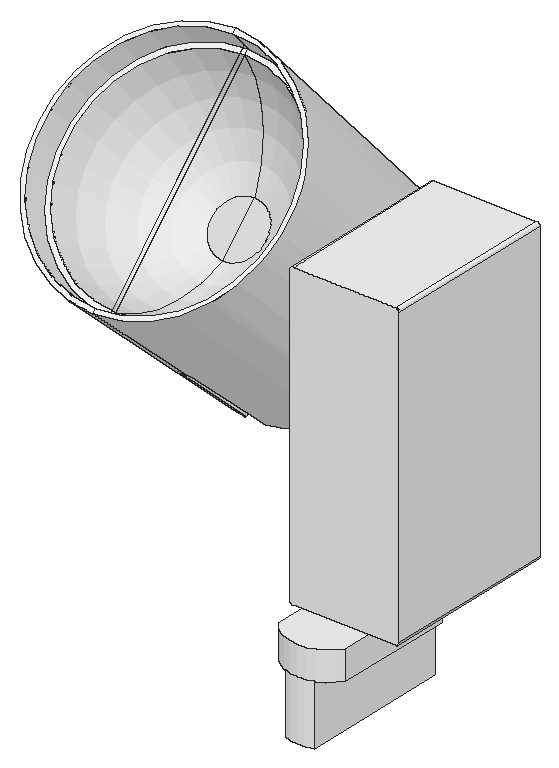
Revit family "0004833 Feilo Sylvania Lighting Fixture START TRACK SPOT L 55W 4K RA80 MB WHITE", category Lighting Fixtures, host Face, Revit 2017 (continued)
Definition of nested family "Start Track Spot Head"
  Types (96, lengths in mm): name | Wattage | built-in parameter 1150134 | Photometric Web File | Model | built-in parameter 1150105 | Lumens | built-in parameter 1150107 | built-in parameter 1150106 | HeadThickness_FEILO | HeadRibOffset_FEILO | HeadRibDepth_FEILO | HeadRibCutWidth_FEILO | HeadRibCutOffset_FEILO | HeadReflectorRadius_FEILO | HeadReflectorOffset_FEILO | HeadLEDRadius_FEILO | HeadHeight_FEILO | HeadDiffusorOffset_FEILO | HeadDiaOut_FEILO | HeadDiaIn_FEILO | HeadAxisFromTop_FEILO | Emit from Circle Diameter | built-in parameter 1150104 | Description | Apparent Load
    0004812 START TRACK SPOT S 14W 3K RA80 MB WHITE | 14 W | (empty or 0) | "0004812.ies" | "START TRACK SPOT S 14W 3K RA80 MB WHITE" | 120.32 (stored number, unit not read) | 1512 lm | 3000 (stored number, unit not read) | 1.2032 (stored number, unit not read) | 1.5 | 4.179 | 55.714 | 7.167 | 50.87 | 50.588 | 55.714 | 9.556 | 117 | 9.435 | 86 | 77.477 | 69.354 | 77.477 | 10.034 (stored number, unit not read) | "Integrated LED spotlight, Textured White - RAL9016, compact and minimalist design, ideal for retail applications, die-cast aluminium body, passive cooling heatsink. Beam angle: 36°, color temperature: 3000K , total system power: 14W, total fixture output: 1508 lm, LOR: 100%, colour rendering: Ra: 80 typical, LED Chromaticity: 3 step MacAdam ellipse, lifetime: >50000 hours at L70B50, energy class: A++, A+, A, IR/UV free light source without heat radiation, operating voltage: 220-240V / 50-60Hz, drive current: 350mA, electronic driver, non-dimmable, power factor: 0.92, electrical protection: Class II, Global Track 3 Phase adapter suitable for Global trac 3-circuit tracks, ingress protection rating: IP20, suitable for internal environment only, horizontal rotation: 355°, vertical tilt: 90°, dimensions: Ø86x140x200, weight: 0.940kg." | 14 VA
    0004811 START TRACK SPOT S 14W 3K RA80 NB WHITE | 14 W | (empty or 0) | "0004811.ies" | "START TRACK SPOT S 14W 3K RA80 NB WHITE" | 123.66 (stored number, unit not read) | 1554 lm | 3000 (stored number, unit not read) | 1.2366 (stored number, unit not read) | 1.5 | 4.179 | 55.714 | 7.167 | 50.87 | 50.588 | 55.714 | 9.556 | 117 | 9.435 | 86 | 77.477 | 69.354 | 77.477 | 10.312 (stored number, unit not read) | "Integrated LED spotlight, Textured White - RAL9016, compact and minimalist design, ideal for retail applications, die-cast aluminium body, passive cooling heatsink. Beam angle: 12°, color temperature: 3000K , total system power: 14W, total fixture output: 1551 lm, LOR: 100%, colour rendering: Ra: 80 typical, LED Chromaticity: 3 step MacAdam ellipse, lifetime: >50000 hours at L70B50, energy class: A++, A+, A, IR/UV free light source without heat radiation, operating voltage: 220-240V / 50-60Hz, drive current: 350mA, electronic driver, non-dimmable, power factor: 0.92, electrical protection: Class II, Global Track 3 Phase adapter suitable for Global trac 3-circuit tracks, ingress protection rating: IP20, suitable for internal environment only, horizontal rotation: 355°, vertical tilt: 90°, dimensions: Ø86x140x200, weight: 0.940kg." | 14 VA
  Reference planes
    plane 1 "Center (Front/Back)": y = 0
    plane 2: z = 0
    plane 3 "Center (Left/Right)": x = 0
    plane 4: x = 43
    plane 5: x = -43
    plane 6: x = -38.739
    plane 7: x = 38.739
    plane 8: z = 69.354
    plane 9: z = -47.646
    plane 10: x = -41.5
    plane 11: x = -37.239
    plane 12: z = -38.211
    plane 13: z = -35.211
    plane 14: z = 8.068
    plane 15: x = -9.556
    plane 16: x = -28.667
    plane 17: x = -19.111
    plane 18: x = -27.167
    plane 19: x = -17.611
    plane 20: x = -8.056
    plane 21: z = 13.64
    plane 22: x = -29.667
    plane 23: x = -26.167
    plane 24: x = -20.111
    plane 25: x = -16.611
    plane 26: x = -10.556
    plane 27: x = -7.056
    plane 28: x = -36.239
    plane 29: x = -40.5
    plane 30: z = 65.175
    plane 31: z = 60.997
    plane 32: z = 56.818
    plane 33: z = 18.484
    plane 34: y = -43
    plane 35: y = 43
    plane 36: y = 3.583
    plane 37: y = -3.583
    plane 38: y = -2.583
    plane 39: y = 2.583
    plane 40: y = 46
    plane 41: z = 13.5
    plane 42: z = -13.5
    plane 43: y = 39
    plane 44: x = 4.708
    plane 45: x = -2.458
    plane 46: x = -1.458
    plane 47: x = 1.458
  Forms (mm)
    Extrusion 1, solid
      sketch origin (4.2, 0, 0) x (1, 0, 0) y (0, 1, 0)
        loop
          line (-1219.2, 1219.2) -> (-1219.2, -1219.2) -> (1219.2, -1219.2) -> (1219.2, 1219.2) -> (-1219.2, 1219.2)
      from 0 to -68.017
    Revolve 2, solid, material <- "Material_1_FEILO", detail levels medium+fine
      sketch origin (0, 0, 0) x (1, 0, 0) y (0, 0, 1)
        loop
          line (-43, -47.646) -> (-41.5, -47.646) -> (-40.5, -35.211) -> (-38.739, -35.211)
          arc (-38.739, -35.211) -> (-30.16, -9.517) -> (-9.556, 8.068) r 50.588
          line (-9.556, 8.068) -> (0, 8.068) -> (0, 13.64) -> (-16.611, 13.64) -> (-17.611, 60.997) -> (-19.111, 60.997) -> (-20.111, 13.64) -> (-36.239, 13.64) -> (-37.239, 69.354) -> (-38.739, 69.354) -> (-43, -47.646)
        axis (0, 69.354) -> (0, -47.646)
      angle from 360 to 0
    Extrusion 3, void
      sketch origin (0, 0, 0) x (0, 1, 0) y (0, 0, 1)
        loop
          line (-3.583, 69.354) -> (-2.583, 18.484) -> (1.932, 18.484) -> (2.932, 69.354) -> (-3.583, 69.354)
      from 43 to -43
    Revolve 4, solid, material <- "Material_2_FEILO", detail levels medium+fine
      sketch origin (0, 0, 0) x (1, 0, 0) y (0, 0, 1)
        loop
          line (-41.5, -38.211) -> (0, -38.211) -> (0, -35.211) -> (-41.5, -35.211) -> (-41.5, -38.211)
        axis (0, -35.211) -> (0, -38.211)
      angle from 360 to 0
    Revolve 5, solid, material <- "Material_1_FEILO"
      sketch origin (0, 0, 0) x (0, 1, 0) y (0, 0, 1)
        loop
          line (46, 0) -> (39, 0) -> (39, -13.5) -> (46, -13.5) -> (46, 0)
        axis (39, 0) -> (46, 0)
      angle from 360 to 0
    Revolve 6, solid, material <- "Material_1_FEILO", detail levels medium+fine
      sketch origin (0, 0, 0) x (1, 0, 0) y (0, 0, 1)
        loop
          line (-29.667, 13.64) -> (-26.167, 13.64) -> (-27.167, 65.175) -> (-28.667, 65.175) -> (-29.667, 13.64)
        loop
          line (-10.556, 13.64) -> (-7.056, 13.64) -> (-7.833, 56.818) -> (-9.778, 56.818) -> (-10.556, 13.64)
        axis (0, 65.175) -> (0, 13.64)
      angle from 360 to 0
    Extrusion 7, void
      sketch origin (0, 0, 0) x (1, 0, 0) y (0, 0, 1)
        loop
          line (4.708, 69.354) -> (-2.458, 69.354) -> (-1.458, 13.64) -> (1.458, 13.64) -> (4.708, 69.354)
      from -43 to 43
    Revolve 8, solid, material <- "Material_1_FEILO", detail levels coarse
      sketch origin (0, 0, 0) x (1, 0, 0) y (0, 0, 1)
        loop
          line (0, 69.354) -> (-38.739, 69.354) -> (-43, -47.646) -> (-41.5, -47.646) -> (-40.731, -38.211) -> (0, -38.211) -> (0, 69.354)
        axis (0, 69.354) -> (0, -47.646)
      angle from 360 to 0
  Cuts and joins
    Extrusion 3 cuts Revolve 2
    Extrusion 7 cuts Revolve 6
  Dimensions and locks
    equal spacing: plane 7, plane 3 "Center (Left/Right)", plane 6
    equal spacing: plane 4, plane 3 "Center (Left/Right)", plane 5
    "HeadDiaOut_FEILO": plane 4 to plane 5
    "HeadDiaIn_FEILO": plane 7 to plane 6
    "HeadHeight_FEILO": plane 8 to plane 9
    "HeadThickness_FEILO": plane 10 to plane 5
    "HeadThickness_FEILO": plane 11 to plane 6
    "HeadDiffusorOffset_FEILO": plane 12 to plane 9
    "HeadDiffusorThickness_FEILO": plane 13 to plane 12
    "HeadReflectorOffset_FEILO": plane 14 to plane 9
    "HeadLEDRadius_FEILO": plane 3 "Center (Left/Right)" to plane 15
    "HeadLEDRadius_FEILO": plane 15 to plane 17
    "HeadLEDRadius_FEILO": plane 17 to plane 16
    "HeadThickness_FEILO": plane 18 to plane 16
    "HeadThickness_FEILO": plane 19 to plane 17
    "HeadThickness_FEILO": plane 20 to plane 15
    "HeadRibDepth_FEILO": plane 8 to plane 21
    "HeadDraft_FEILO": plane 16 to plane 22
    "HeadDraft_FEILO": plane 23 to plane 18
    "HeadDraft_FEILO": plane 17 to plane 24
    "HeadDraft_FEILO": plane 25 to plane 19
    "HeadDraft_FEILO": plane 15 to plane 26
    "HeadDraft_FEILO": plane 27 to plane 20
    "HeadDraft_FEILO": plane 29 to plane 10
    "HeadDraft_FEILO": plane 28 to plane 11
    "HeadRibOffset_FEILO": plane 8 to plane 30
    "HeadRibOffset_FEILO": plane 30 to plane 31
    "HeadRibOffset_FEILO": plane 31 to plane 32
    "HeadAxisFromTop_FEILO": plane 8 to plane 2
    "HeadRibCutOffset_FEILO": plane 8 to plane 33
    equal spacing: plane 34, plane 1 "Center (Front/Back)", plane 35
    "HeadDiaOut_FEILO": plane 34 to plane 35
    equal spacing: plane 38, plane 1 "Center (Front/Back)", plane 39
    equal spacing: plane 37, plane 1 "Center (Front/Back)", plane 36
    "HeadRibCutWidth_FEILO": plane 37 to plane 36
    "HeadDraft_FEILO": plane 37 to plane 38
    locked: plane 35 to plane 40 at 3
    equal spacing: plane 41, plane 2, plane 42
    locked: plane 42 to plane 41 at 27
    locked: plane 43 to plane 35 at 4
    equal spacing: plane 45, imposter light, plane 44
    "HeadDraft_FEILO": plane 46 to plane 45
    "HeadRibCutWidth_FEILO": plane 44 to plane 45
    equal spacing: plane 47, plane 3 "Center (Left/Right)", plane 46
    "HeadReflectorRadius_FEILO": radius of Revolve 2 sketch curve
    aligned and locked: plane 2 to Extrusion 1
    aligned and locked: level to Extrusion 1
    aligned and locked: Revolve 2 sketch curve to plane 3 "Center (Left/Right)"  (x2)
    aligned and locked: plane 9 to Revolve 2 sketch curve  (x2)
    aligned and locked: plane 5 to Revolve 2 sketch curve
    aligned and locked: plane 10 to Revolve 2 sketch curve
    aligned and locked: plane 14 to Revolve 2 sketch curve
    aligned and locked: plane 8 to Revolve 2 sketch curve
    aligned and locked: Revolve 2 sketch curve to plane 13
    aligned and locked: plane 12 to Revolve 4 sketch curve
    aligned and locked: plane 3 "Center (Left/Right)" to Revolve 4 sketch curve
    aligned and locked: Revolve 4 sketch curve to plane 10
    aligned and locked: Revolve 4 sketch curve to plane 3 "Center (Left/Right)"
    aligned and locked: plane 12 to imposter light
    aligned and locked: imposter light to plane 1 "Center (Front/Back)"
    aligned and locked: Revolve 5 sketch curve to plane 2
    aligned and locked: plane 43 to Revolve 5 sketch curve
    aligned and locked: plane 42 to Revolve 5 sketch curve
    aligned and locked: Revolve 6 sketch curve to plane 3 "Center (Left/Right)"
    aligned and locked: plane 22 to Revolve 6 sketch curve
    aligned and locked: plane 30 to Revolve 6 sketch curve
    aligned and locked: plane 23 to Revolve 6 sketch curve
    aligned and locked: Revolve 6 sketch curve to plane 21  (x2)
    aligned and locked: plane 21 to Revolve 6 sketch curve
    aligned and locked: plane 17 to Revolve 2 sketch curve
    aligned and locked: plane 19 to Revolve 2 sketch curve
    aligned and locked: plane 31 to Revolve 2 sketch curve
    aligned and locked: plane 21 to Revolve 2 sketch curve
    aligned and locked: Extrusion 3 to plane 8
    aligned and locked: plane 33 to Extrusion 3
    aligned and locked: plane 8 to Extrusion 3 sketch curve
    aligned and locked: Extrusion 3 sketch curve to plane 33
    aligned and locked: Extrusion 3 to plane 5
    aligned and locked: plane 4 to Extrusion 3
    aligned and locked: plane 32 to Revolve 6 sketch curve
    aligned and locked: plane 44 to Extrusion 7 sketch curve
    aligned and locked: Extrusion 7 sketch curve to plane 8
    aligned and locked: plane 46 to Extrusion 7 sketch curve
    aligned and locked: plane 21 to Extrusion 7 sketch curve
    aligned and locked: plane 34 to Extrusion 7
    aligned and locked: Extrusion 7 to plane 35
    aligned and locked: Revolve 4 sketch curve to plane 13
    aligned and locked: Revolve 5 sketch curve to plane 40
    aligned and locked: Revolve 8 sketch curve to plane 3 "Center (Left/Right)"
    aligned and locked: Revolve 8 sketch curve to cut or joined group of Revolve 2, Extrusion 3  (x3)
    aligned and locked: plane 5 to Revolve 8 sketch curve
    aligned and locked: plane 3 "Center (Left/Right)" to Revolve 8 sketch curve
    aligned and locked: plane 12 to Revolve 8 sketch curve
  Automatic sketch dimensions
    Extrusion 1 sketch curve to Extrusion 1 sketch curve = 2438.4 mm  (x2)
    Extrusion 3 sketch curve to plane 37 = 0 mm
    Extrusion 3 sketch curve to plane 38 = 0 mm
    plane 39 to Extrusion 3 sketch curve = 0.651 mm
    Extrusion 3 sketch curve to plane 39 = 0.349 mm
    Revolve 6 sketch curve to plane 16 = 0 mm
    Revolve 6 sketch curve to plane 18 = 0 mm
    Revolve 6 sketch curve to plane 26 = 0 mm
    Revolve 6 sketch curve to plane 27 = 0 mm
    Revolve 6 sketch curve to plane 15 = 0.222 mm
    plane 9 to Revolve 6 sketch curve = 559.103 mm
    Revolve 6 sketch curve to plane 8 = 2535.555 mm
    plane 20 to Revolve 6 sketch curve = 0.222 mm
    Revolve 2 sketch curve to plane 29 = 0 mm
    Revolve 2 sketch curve to plane 6 = 0 mm  (x2)
    Revolve 2 sketch curve to plane 11 = 0 mm
    Revolve 2 sketch curve to plane 21 = 0 mm
    Revolve 2 sketch curve to plane 28 = 0 mm
    Revolve 2 sketch curve to plane 24 = 0 mm
    Revolve 2 sketch curve to plane 25 = 0 mm
    Revolve 2 sketch curve to plane 15 = 0 mm
    Revolve 2 sketch curve to Revolve 2 sketch curve = 557.155 mm
    Revolve 2 sketch curve to plane 8 = 2535.558 mm
    Extrusion 7 sketch curve to plane 45 = 0 mm
    Extrusion 7 sketch curve to plane 47 = 0 mm
    plane 9 to Revolve 4 sketch curve = 559.103 mm
    Revolve 4 sketch curve to plane 8 = 2535.555 mm
    Revolve 5 sketch curve to level = 0 mm
    plane 34 to Revolve 5 sketch curve = 1968.092 mm
    Revolve 5 sketch curve to plane 40 = 1405.763 mm
    Revolve 8 sketch curve to plane 6 = 0 mm
    Revolve 8 sketch curve to plane 29 = 0.231 mm
    plane 9 to Revolve 8 sketch curve = 559.103 mm
    Revolve 8 sketch curve to Revolve 8 sketch curve = 2535.555 mm
Definition of nested family "Start Track Spot Box"
  Parameters (values of type "Type Large White")
    URL = "http://www.feilosylvania.com"
    Type Image = (empty or 0)
    Type Comments = "n/a"
    Small_FEILO = no
    Material_3_FEILO = none
    Model = ""
    Manufacturer = "Feilo Sylvania"
    Keynote = ""
    Material_2_FEILO = none
    Description = ""
    Default Elevation = 1219.2 mm
    Cost = 0
    Material_1_FEILO = none
    BoxWidth_FEILO = 49 mm
    BoxStartAngle_FEILO [instance] = 0.00°
    BoxRadius_FEILO = 1.5 mm
    BoxHeight_FEILO = if(Small_FEILO, 112 mm, 136 mm)  # 136 mm
    BoxEndAngle_FEILO [instance] = BoxStartAngle_FEILO - 180.00°  # -180.00°
    BoxDepth_FEILO = if(Small_FEILO, 71.5 mm, 79 mm)  # 79 mm
    BoxAxisVerticalOffset_FEILO = 16 mm
    BoxAxisOffset_FEILO = BoxHeight_FEILO / 6.8  # 20 mm
    Assembly Code = ""
    Material_4_FEILO = none
  Types (4, lengths in mm): name | Small_FEILO | BoxHeight_FEILO | BoxDepth_FEILO | BoxAxisOffset_FEILO
    Type Large White | no | 136 | 79 | 20
    Type Small White | yes | 112 | 71.5 | 16.471
    Type Small Black | yes | 112 | 71.5 | 16.471
    Type Large Black | no | 136 | 79 | 20
  Reference planes
    plane 1 "Center (Front/Back)": y = 0
    plane 2: z = 0
    plane 3 "Center (Left/Right)": x = 0
    plane 4: x = 24.5
    plane 5: x = -24.5
    plane 6: y = 68
    plane 7: y = -68
    plane 8: z = 39.5
    plane 9: z = -39.5
    plane 10: y = -48
    plane 11: x = 30.5
    plane 12: x = 8.5
    plane 13: x = 21.5
    plane 14: y = 70
    plane 15: y = 72
    plane 16: x = 19.5
  Forms (mm)
    Extrusion 1, solid
      sketch origin (4.2, 0, 0) x (1, 0, 0) y (0, 1, 0)
        loop
          line (-1219.2, 1219.2) -> (-1219.2, -1219.2) -> (1219.2, -1219.2) -> (1219.2, 1219.2) -> (-1219.2, 1219.2)
      from 0 to -68.017
    Extrusion 2, solid, material <- "Material_1_FEILO"
      sketch origin (0, 0, 0) x (1, 0, 0) y (0, 1, 0)
        loop
          arc (-23, 68) -> (-24.061, 67.561) -> (-24.5, 66.5) r 1.5
          line (-24.5, 66.5) -> (-24.5, -66.5)
          arc (-24.5, -66.5) -> (-24.061, -67.561) -> (-23, -68) r 1.5
          line (-23, -68) -> (23, -68)
          arc (23, -68) -> (24.061, -67.561) -> (24.5, -66.5) r 1.5
          line (24.5, -66.5) -> (24.5, 66.5)
          arc (24.5, 66.5) -> (24.061, 67.561) -> (23, 68) r 1.5
          line (23, 68) -> (-23, 68)
      from -39.5 to 39.5
    Revolve 3, solid, not visible
      sketch origin (0, 0, 0) x (1, 0, 0) y (0, 1, 0)
        loop
          line (30.5, -48) -> (24.5, -48) -> (24.5, -68) -> (30.5, -68) -> (30.5, -48)
        axis (30.5, -48) -> (24.5, -48)
      angle from 0 <- "BoxStartAngle_FEILO" to -180 <- "BoxEndAngle_FEILO"
    Revolve 4, solid, material <- "Material_2_FEILO"
      sketch origin (0, 0, 0) x (1, 0, 0) y (0, 1, 0)
        loop
          line (8.5, 68) -> (19.5, 68) -> (19.5, 70) -> (21.5, 70) -> (21.5, 72) -> (8.5, 72) -> (8.5, 68)
        axis (8.5, 72) -> (8.5, 68)
      angle from 360 to 0
  Dimensions and locks
    equal spacing: plane 5, plane 3 "Center (Left/Right)", plane 4
    "BoxWidth_FEILO": plane 5 to plane 4
    equal spacing: plane 7, plane 1 "Center (Front/Back)", plane 6
    "BoxHeight_FEILO": plane 7 to plane 6
    equal spacing: plane 8, plane 2, plane 9
    "BoxDepth_FEILO": plane 8 to plane 9
    "BoxAxisOffset_FEILO": plane 7 to plane 10
    locked: plane 4 to plane 11 at 6
    "BoxAxisVerticalOffset_FEILO": plane 12 to plane 4
    locked: plane 12 to plane 13 at 13
    plane 6 to plane 14 to plane 15 = 2 mm locked, 2 mm locked
    locked: plane 12 to plane 16 at 11
    "BoxRadius_FEILO": radius of Extrusion 2 sketch curve  (x4)
    aligned and locked: plane 2 to Extrusion 1
    aligned and locked: level to Extrusion 1
    aligned and locked: plane 6 to Extrusion 2 sketch curve
    aligned and locked: plane 5 to Extrusion 2 sketch curve
    aligned and locked: Extrusion 2 sketch curve to plane 7
    aligned and locked: Extrusion 2 sketch curve to plane 4
    aligned and locked: Extrusion 2 to plane 8
    aligned and locked: plane 9 to Extrusion 2
    aligned and locked: Revolve 3 sketch curve to plane 10  (x2)
    aligned and locked: plane 11 to Revolve 3 sketch curve
    aligned and locked: Revolve 3 sketch curve to plane 4
    aligned and locked: plane 7 to Revolve 3 sketch curve
    aligned and locked: Revolve 4 sketch curve to plane 12
    aligned and locked: plane 6 to Revolve 4 sketch curve
    aligned and locked: plane 12 to Revolve 4 sketch curve
    aligned and locked: plane 15 to Revolve 4 sketch curve
    aligned and locked: Revolve 4 sketch curve to plane 13
    aligned and locked: Revolve 4 sketch curve to plane 14
    aligned and locked: Revolve 4 sketch curve to plane 16
    aligned and locked: Revolve 4 sketch curve to plane 6
  Automatic sketch dimensions
    Extrusion 1 sketch curve to Extrusion 1 sketch curve = 2438.4 mm  (x2)
    Revolve 3 sketch curve to plane 5 = 1499.5 mm
    plane 11 to Revolve 3 sketch curve = 1493.5 mm
    plane 15 to Revolve 4 sketch curve = 0 mm
    plane 7 to Revolve 4 sketch curve = 1456 mm
    Revolve 4 sketch curve to plane 15 = 1452 mm
